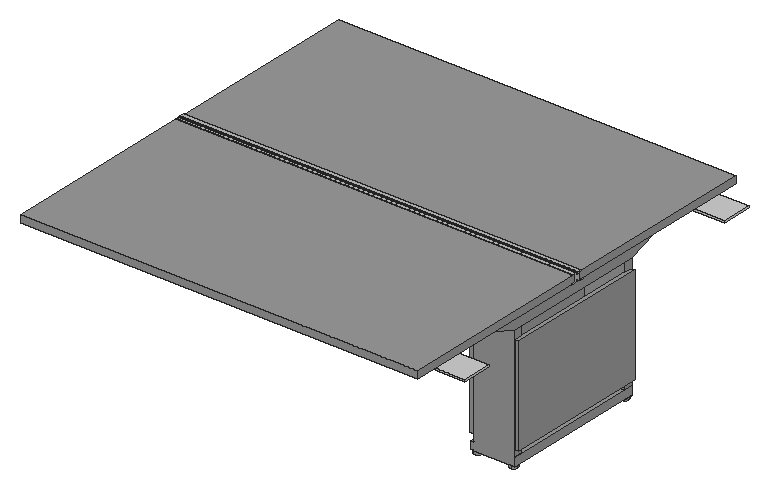
Revit family "Haworth_Epure_Benches_withColumnLegs_DoubleIntermediaryModule_EU_PRELIMINARY", category Furniture, Revit 2019 (continued)
Definition of nested family "Haworth_Tibas_CableManagement_CableTraySingle-PART"
  Automatic sketch dimensions
    plane 4 "Top" to Extrusion 7 sketch curve = 3.36 cm
    plane 5 to Extrusion 7 sketch curve = 0.22 cm
    Extrusion 8 sketch curve to plane 19 = 0.3 cm
    plane 21 to Extrusion 8 sketch curve = 0.2993 cm
    Extrusion 9 sketch curve to Extrusion 9 sketch curve = 0.3 cm
    Extrusion 9 sketch curve to plane 23 = 0.2993 cm
    Extrusion 10 sketch curve to plane 9 = 1.1259 cm
    plane 5 to Extrusion 10 sketch curve = 0.22 cm
    Extrusion 10 sketch curve to plane 9 = 2.868 cm
    Extrusion 10 sketch curve to plane 8 = 2.4546 cm  (x2)
    Extrusion 10 sketch curve to plane 4 "Top" = 1.34 cm
Definition of nested family "Haworth_Epure_ColumnLeg_PART"
  Parameters (values of type "Epure - Column Leg - PART")
    Warranty = "https://www.haworth.com/resources/product-info/warranties"
    URL - Product = ""
    Model = "Haworth - Epure"  # constant formula
    Leg Finish [instance] = none
    Description = "Haworth - Epure - Column Leg - PART"  # constant formula
    URL = ""
    Revision Number = "1"  # constant formula
    Manufacturer = "Haworth"  # constant formula
    Author = "Haworth (Abd Rahman)"  # constant formula
    Assembly Code = "E2020200"
    Actual Width = 24.5 cm  # constant formula
    Actual Height = 70 cm  # constant formula
    Actual Depth = 100 cm  # constant formula
  Reference planes (cm)
    plane 1 "Bottom": z = 0
    plane 2: z = 1
    plane 3: x = -34.8184
    plane 4: x = -10.3184
    plane 5: x = -22.5684
    plane 6: y = 2.4134
    plane 7: y = -97.5866
    plane 8: y = -47.5866
    plane 9: z = 70
  Forms (cm)
    Extrusion 1, solid, material <- "Leg Finish"
      sketch origin (0, -104.4671, 0) x (1, 0, 0) y (0, 0, 1)
        loop
          line (-12.3604, 58.435) -> (-12.3604, 8.935) -> (-10.3604, 8.935) -> (-10.3604, 58.435) -> (-12.3604, 58.435)
        loop
          line (-32.8184, 58.435) -> (-34.8184, 58.435) -> (-34.8184, 8.935) -> (-32.8184, 8.935) -> (-32.8184, 58.435)
      from -93.2777 to -20.2737
    Extrusion 2, solid, material <- "Leg Finish"
      sketch origin (-7.8184, 0, 0) x (0, -1, 0) y (0, 0, 1)
        loop
          line (84.3366, 69.25) -> (80.1366, 69.25) -> (80.1366, 1) -> (84.3366, 1) -> (84.3366, 69.25)
        loop
          line (10.8477, 69.25) -> (10.8477, 1) -> (15.0477, 1) -> (15.0477, 69.25) -> (10.8477, 69.25)
      from 4.5421 to 25
    Extrusion 3, solid, material <- "Leg Finish"
      sketch origin (-7.8184, 0, 0) x (0, -1, 0) y (0, 0, 1)
        loop
          line (84.3366, 5.45) -> (10.8477, 5.45) -> (10.8477, 1.4375) -> (84.3366, 1.4375) -> (84.3366, 5.45)
      from 4.3421 to 7.2921
    Extrusion 4, solid, material <- "Leg Finish"
      sketch origin (-37.3604, 0, 0) x (0, -1, 0) y (0, 0, -1)
        loop
          line (84.3366, -5.45) -> (84.3366, -1.4375) -> (10.8477, -1.4375) -> (10.8477, -5.45) -> (84.3366, -5.45)
      from 3.3 to 6.25
    Extrusion 5, solid, material <- "Leg Finish"
      sketch origin (-7.8184, 0, 0) x (0, -1, 0) y (0, 0, 1)
        loop
          line (84.5866, 63.25) -> (97.5866, 67.75) -> (97.5866, 69.25) -> (-2.4134, 69.25) -> (-2.4134, 67.75) -> (10.5866, 63.25) -> (84.5866, 63.25)
      from 4.3421 to 26.2421
    Extrusion 6, void
      sketch origin (0, -104.4671, 0) x (1, 0, 0) y (0, 0, 1)
        loop
          line (-12.6104, 67.75) -> (-33.6104, 67.75) -> (-33.6104, 61.7718) -> (-12.6104, 61.7718) -> (-12.6104, 67.75)
      from -112.5995 to -3.5878
    Extrusion 7, solid, material <- "Leg Finish"
      sketch origin (0, 0, 0) x (1, 0, 0) y (0, 1, 0)
        loop
          circle (-14.1104, -82.6241) r 1.9
        loop
          circle (-32.0956, -82.5616) r 1.9
        loop
          circle (-14.1104, -12.5602) r 1.9
        loop
          circle (-32.0956, -12.6227) r 1.9
      from 0 to 1
  Cuts and joins
    Extrusion 6 cuts Extrusion 5
    joined: Extrusion 1, Extrusion 2, Extrusion 3, Extrusion 4, Extrusion 5
  Lines and regions (cm)
    Masking region 1
      outline origin (0, 0, 0) x (1, 0, 0) y (0, 1, 0)
        loop
          line (-34.8184, 2.4134) -> (-34.8184, -97.5866) -> (-10.3184, -97.5866) -> (-10.3184, 2.4134) -> (-34.8184, 2.4134)
  Dimensions and locks (cm)
    equal spacing: plane 3, plane 5, plane 4
    equal spacing: plane 7, plane 8, plane 6
    "Actual Depth": plane 7 to plane 6
    "Actual Width": plane 3 to plane 4
    "Actual Height": plane 9 to level
    aligned and locked: Masking region 1 sketch curve to plane 3
  Automatic sketch dimensions
    Extrusion 1 sketch curve to Extrusion 1 sketch curve = 2 cm  (x2)
    Extrusion 1 sketch curve to plane 2 = 7.935 cm  (x2)
    plane 2 to Extrusion 2 sketch curve = 0 cm  (x2)
    Extrusion 2 sketch curve to Extrusion 2 sketch curve = 4.2 cm  (x2)
    Extrusion 3 sketch curve to plane 2 = 4.45 cm
    Extrusion 3 sketch curve to plane 2 = 0.4375 cm
    Extrusion 4 sketch curve to plane 2 = 4.45 cm
    Extrusion 4 sketch curve to plane 2 = 0.4375 cm
    Extrusion 5 sketch curve to Extrusion 5 sketch curve = 13 cm  (x2)
    Extrusion 7 sketch curve to Extrusion 7 sketch curve = 0.0625 cm  (x2)
    Extrusion 1 sketch curve to Extrusion 1 sketch curve = 20.4579 cm
    Extrusion 6 sketch curve to Extrusion 6 sketch curve = 21 cm
    Extrusion 7 sketch curve to Extrusion 7 sketch curve = 0 cm
    Extrusion 7 sketch curve to Extrusion 7 sketch curve = 17.9851 cm  (x2)
    Extrusion 2 sketch curve to Extrusion 2 sketch curve = 65.0889 cm
    Extrusion 3 sketch curve to Extrusion 3 sketch curve = 73.4889 cm
    Extrusion 4 sketch curve to Extrusion 4 sketch curve = 73.4889 cm
    Extrusion 5 sketch curve to Extrusion 5 sketch curve = 74 cm
    Extrusion 7 sketch curve to Extrusion 7 sketch curve = 69.9389 cm
    plane 7 to Masking region 1 sketch curve = 0 cm
    plane 6 to Masking region 1 sketch curve = 0 cm
    Masking region 1 sketch curve to plane 4 = 0 cm
    plane 3 to Extrusion 1 sketch curve = 0 cm
    Extrusion 1 sketch curve to Extrusion 1 sketch curve = 49.5 cm
    Extrusion 1 sketch curve to Extrusion 1 sketch curve = 0 cm
    plane 6 to Extrusion 2 sketch curve = 13.2611 cm
    Extrusion 2 sketch curve to plane 2 = 68.25 cm  (x2)
    Extrusion 5 sketch curve to plane 6 = 0 cm
    Extrusion 5 sketch curve to plane 2 = 62.25 cm
    Extrusion 5 sketch curve to Extrusion 5 sketch curve = 4.5 cm  (x2)
    Extrusion 5 sketch curve to Extrusion 5 sketch curve = 1.5 cm
    Extrusion 6 sketch curve to plane 3 = 1.2079 cm
    Extrusion 6 sketch curve to plane 2 = 60.7718 cm
    Extrusion 6 sketch curve to Extrusion 6 sketch curve = 5.9782 cm
    radius of Extrusion 7 sketch curve = 1.9 cm  (x4)
Definition of nested family "Haworth_Epure_Accessories_LinkingPlate_PART"
  Parameters (values of type "Epure Linking Plate - PART")
    Warranty = "https://www.haworth.com/resources/product-info/warranties"
    URL - Product = ""
    Model = "Haworth - Epure"  # constant formula
    Metal Finish = none
    Description = "Haworth - Linking Plate - Legs - PART"  # constant formula
    URL = ""
    Revision Number = "1"  # constant formula
    Manufacturer = "Haworth"  # constant formula
    Author = "Haworth (Abd Rahman)"  # constant formula
    Assembly Code = "E2020200"
    Actual Width = 27 cm
    Actual Height = 73 cm  # constant formula
    Actual Depth = 7.9698 cm
  Reference planes (cm)
    plane 1 "Bottom": z = 0
    plane 2 "Top": z = 73
    plane 3 "Top Bottom": z = 70.5
    plane 4: x = -60.8144
    plane 5: x = -33.8144
    plane 6: y = -46.0609
    plane 7 "Front": y = -54.0308
    plane 8: x = -47.3144
    plane 9: y = -50.0458
    plane 10: z = 69.5
  Forms (cm)
    Extrusion 1, solid, material <- "Metal Finish"
      sketch origin (0, 0, 0) x (1, 0, 0) y (0, 1, 0)
        loop
          line (-60.8144, -46.0609) -> (-60.8144, -54.0308) -> (-33.8144, -54.0308) -> (-33.8144, -46.0609) -> (-60.8144, -46.0609)
      from 69.5 to 70.5
  Lines and regions (cm)
    symbolic lines, detail levels medium+fine
      curve 1: line (-60.8144, -46.0609, 0) -> (-33.8144, -46.0609, 0)
      curve 2: line (-60.8144, -54.0308, 0) -> (-60.8144, -46.0609, 0)
      curve 3: line (-33.8144, -54.0308, 0) -> (-60.8144, -54.0308, 0)
      curve 4: line (-33.8144, -46.0609, 0) -> (-33.8144, -54.0308, 0)
  Dimensions and locks (cm)
    "Actual Height": plane 2 "Top" to level
    locked: plane 2 "Top" to plane 3 "Top Bottom" at 2.5
    equal spacing: plane 4, plane 8, plane 5
    equal spacing: plane 6, plane 9, plane 7 "Front"
    locked: plane 3 "Top Bottom" to plane 10 at 1
    "Actual Width": plane 4 to plane 5
    "Actual Depth": plane 6 to plane 7 "Front"
    aligned and locked: plane 3 "Top Bottom" to Extrusion 1
    aligned and locked: Extrusion 1 sketch curve to plane 5
    aligned and locked: Extrusion 1 sketch curve to plane 6
    aligned and locked: plane 4 to Extrusion 1 sketch curve
    aligned and locked: Extrusion 1 sketch curve to plane 7 "Front"
    aligned and locked: curve 4 to plane 5
    aligned and locked: curve 1 to plane 6
    aligned and locked: plane 4 to curve 2
    aligned and locked: curve 3 to plane 7 "Front"
    aligned and locked: Extrusion 1 to plane 10
Types (6, lengths in cm): name | Void Depth | Scallop | Round Cable Outlet | Rectangle | No Accessory Kit | Flip Top Cable Outlet | Depth | Central Rail | Cable Tray Width | Cable Tray Single | Cable Tray Double | Actual Width | Actual Depth | Accessory Kit
  120 x 160 | 0 | no | no | yes | yes | no | 80 | no | 60 | no | no | 120 | 160 | no
  200 x 160 | 3 | yes | yes | no | no | no | 80 | no | 140 | no | no | 200 | 160 | yes
  140 x 180 | 3 | yes | no | no | no | no | 90 | no | 80 | no | yes | 140 | 180 | yes
  180 x 180 | 0 | no | no | yes | no | yes | 90 | no | 120 | no | no | 180 | 180 | yes
  160 x 200 | 0 | no | no | yes | no | no | 99 | yes | 100 | yes | no | 160 | 200 | yes
  200 x 200 | 0 | no | no | yes | yes | no | 99 | yes | 140 | no | no | 200 | 200 | no
